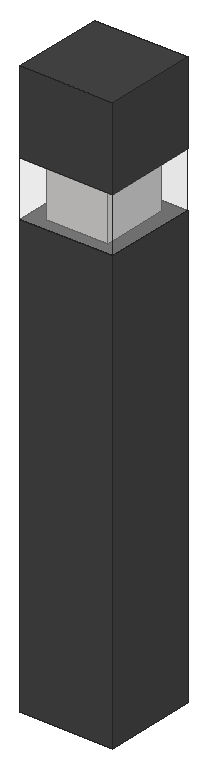
Revit family "FN1", category Lighting Fixtures, host Face, Revit 2014
Parameters (values of type "FN1")
  Width 1 = 5.000"
  Width = 11.630"
  Watts = 25 W
  Wattage Comments = "25W"
  Wattage = 25 W
  Warranty = "5 years Warranty"  # constant formula
  built-in parameter 1150110 = 1 (stored number, unit not read)
  Voltage = 120 V
  URL = "https://www.hubbell.com/hubbelllightingci/en"
  built-in parameter 1114217 = 1 (stored number, unit not read)
  Tilt Angle = 60.00°
  built-in parameter 1150109 = 1 (stored number, unit not read)
  built-in parameter 1150134 = 3
  built-in parameter 1150113 = 1 (stored number, unit not read)
  Source = Hubbell_Steel_Galvanized
  Reflector Finish = Hubbell - White Glass
  Product Page URL = "https://www.hubbell.com/hubbelllightingci/en/Products/Lighting-Controls/Commercial-Outdoor-Lighting/Bollards/Fresno-Bollards/p/226051#prod-resources-section"
  Product Doucmentation Link = "https://hubbellcdn.com/specsheet/fresno.pdf"
  Power Factor = 1
  Photometric Web File = "FN1-12LU-3K-XX (1).ies"
  Model = "FN1"
  Manufacturer = "Hubbell Outdoor Lighting"  # constant formula
  built-in parameter 1150105 = 295.51 (stored number, unit not read)
  Lumens = 3713.55 lm
  built-in parameter 1150115 = 1 (stored number, unit not read)
  Load Classification = Lighting
  built-in parameter 1150137 = (empty or 0)
  built-in parameter 1150139 = (empty or 0)
  Length = 48.000"
  built-in parameter 1150112 = 1 (stored number, unit not read)
  built-in parameter 1150114 = 1 (stored number, unit not read)
  Lamp = "LED"  # constant formula
  built-in parameter 1150132 = (empty or 0)
  built-in parameter 1150102 = (empty or 0)
  built-in parameter 1150107 = 3200 (stored number, unit not read)
  built-in parameter 1150138 = (empty or 0)
  built-in parameter 1150106 = 2.9551 (stored number, unit not read)
  Housing Material = Paint - Hubbell - Carbon Black
  Features = "30w and 46w energy-efficient LED systems\r\nExtruded aluminum square or round housing, with tamper resistant hardware. Flat top, or optional dome top for round FN2. Single screw access for top relamping.\r\nSealed one-piece, clear acrylic lens\r\nSpecular, anodized aluminum optical systems"  # constant formula
  FN2 = no
  FN1 = yes
  built-in parameter 1150104 = 13.8 (stored number, unit not read)
  Dimming Lamp Color Temperature Shift = <None>
  Description = "Fresno Bollards"  # constant formula
  Default Elevation = 48.000"
  Copyright = "© 2021 Hubbell Outdoor Lighting"  # constant formula
  Contact = "https://www.hubbell.com/hubbelllightingci/en/contactUs"
  Connector Description = "Lighting Connector"  # constant formula
  Color Filter = 16777215
  built-in parameter 1114216 [instance] = (empty or 0)
  Certifications = "UL,CSA,Wet Listed"  # constant formula
  built-in parameter 1114218 = 1 (stored number, unit not read)
  built-in parameter 1150133 = 10 (stored number, unit not read)
  Assembly Code = "D5020200"
  Apparent Load = Watts / Power Factor  # 25 VA
Types (2): name | Product Page URL | Photometric Web File | Model | FN2 | FN1
  FN2 | "https://www.hubbell.com/hubbelllightingci/en/Products/Lighting-Controls/Commercial-Outdoor-Lighting/Bollards/Fresno-Bollards/p/226051" | "FN2-12LU-4K-XX.ies" | "FN2" | yes | no
  FN1 | "https://www.hubbell.com/hubbelllightingci/en/Products/Lighting-Controls/Commercial-Outdoor-Lighting/Bollards/Fresno-Bollards/p/226051#prod-resources-section" | "FN1-12LU-3K-XX (1).ies" | "FN1" | no | yes
Reference planes (in)
  plane 1 "Center (Front/Back)": y = 0
  plane 2: z = 0
  plane 3 "Center (Left/Right)": x = 0
  plane 4: z = 9.34
  plane 5: x = 3.375
  plane 6: x = -3.375
  plane 7: y = -3.375
  plane 8: y = 3.375
Forms (in)
  Extrusion 1, solid, material "Paint - Hubbell - Carbon Black" <- "Housing Material", not visible
    sketch origin (5.5, 0, 0) x (1, 0, 0) y (0, 0, -1)
      loop
        line (-22.47056, -3.79487) -> (-22.47056, 0) -> (-23.47056, 0) -> (-23.47056, -3.79487) -> (-22.47056, -3.79487)
    from 2.03263 to 2.15664
  Extrusion 2, solid, material "Paint - Hubbell - Carbon Black" <- "Housing Material", not visible
    sketch origin (5.5, 0, 0) x (0, -1, 0) y (0, 0, -1)
      loop
        line (2.03263, -0.0089) -> (2.03263, -0.1089) -> (6.53263, -0.1089) -> (6.53263, -0.0089) -> (2.03263, -0.0089)
    from 16.97056 to 17.97056
  Extrusion 3, solid, not visible
    sketch origin (-17, 0, 0) x (0, 1, 0) y (0, 0, 1)
      loop
        line (-2.03263, 3.74239) -> (-2.13263, 3.74239) -> (-2.13263, 0.2678)
        arc (-2.13263, 0.2678) -> (-2.18177, 0.14915) -> (-2.30043, 0.1) r 0.1678
        line (-2.30043, 0.1) -> (-6.03263, 0.1) -> (-6.03263, 0) -> (-2.17041, 0)
        arc (-2.17041, 0) -> (-2.07298, 0.04035) -> (-2.03263, 0.13778) r 0.13778
        line (-2.03263, 0.13778) -> (-2.03263, 3.74239)
    from 16.91201 to 18
  Extrusion 4, solid, material "Paint - Hubbell - Carbon Black" <- "Housing Material", visible <- "FN1"
    sketch origin (0, 0, 0) x (1, 0, 0) y (0, 1, 0)
      loop
        line (-3.375, 3.375) -> (-3.375, -3.38574) -> (3.375, -3.38574) -> (3.375, 3.375) -> (-3.375, 3.375)
    from 0 to 32
  Extrusion 5, solid, material "Hubbell - White Glass" <- "Reflector Finish", visible <- "FN1"
    sketch origin (0, 0, 0) x (1, 0, 0) y (0, 1, 0)
      loop
        line (3.375, 3.375) -> (-3.375, 3.375) -> (-3.375, -3.38574) -> (3.375, -3.38574) -> (3.375, 3.375)
    from 32 to 36
  Extrusion 6, solid, material "Paint - Hubbell - Carbon Black" <- "Housing Material", visible <- "FN1"
    sketch origin (0, 0, 0) x (1, 0, 0) y (0, 1, 0)
      loop
        line (-3.375, 3.375) -> (-3.375, -3.38574) -> (3.375, -3.38574) -> (3.375, 3.375) -> (-3.375, 3.375)
    from 36 to 42
  Revolve 7, solid, material "Hubbell_Steel_Galvanized" <- "Source", visible <- "FN2"
    sketch origin (0, 0, 0) x (0, 1, 0) y (0, 0, 1)
      loop
        line (-0.00537, 35.93999) -> (-0.00537, 32) -> (2.88138, 32) -> (2.19734, 33.87939) -> (1.25984, 33.87939) -> (1.25984, 35.93999) -> (-0.00537, 35.93999)
      axis (-0.00537, 35.93999) -> (-0.00537, 32)
    angle from 0 to 360
  Extrusion 8, solid, material "Paint - Hubbell - Carbon Black" <- "Housing Material", visible <- "FN2"
    sketch origin (0, 0, 0) x (1, 0, 0) y (0, 1, 0)
      loop
        circle (0, 0) r 3.5
    from 0 to 32
  Extrusion 9, solid, material "Paint - Hubbell - Carbon Black" <- "Housing Material", visible <- "FN2"
    sketch origin (0, 0, 0) x (1, 0, 0) y (0, 1, 0)
      loop
        circle (0, 0) r 3.5
    from 36 to 42
  Extrusion 10, solid, material "Hubbell - White Glass" <- "Reflector Finish", visible <- "FN2"
    sketch origin (0, 0, 0) x (1, 0, 0) y (0, 1, 0)
      loop
        circle (0, 0) r 3.5
    from 36 to 42
  Extrusion 11, solid, material "Hubbell - White Glass" <- "Reflector Finish", visible <- "FN2"
    sketch origin (0, 0, 0) x (1, 0, 0) y (0, 1, 0)
      loop
        circle (0, 0) r 3.5
    from 32 to 36
  Extrusion 12, solid, material "Hubbell_Steel_Galvanized" <- "Source", visible <- "FN1"
    sketch origin (0, 0, 0) x (1, 0, 0) y (0, 1, 0)
      loop
        line (-2.2324, 2.37721) -> (-2.2324, -2.42059) -> (2.2027, -2.42059) -> (2.2027, 2.37721) -> (-2.2324, 2.37721)
    from 32 to 36
Dimensions and locks (in)
  plane 4 to plane 2 = 9.340"  (x2)
  aligned and locked: plane 2 to host face
  aligned and locked: level to host face
Connectors (in)
  electrical at (0, 0, 0)
    settings: on Extrusion 8, index 1, voltage 120 V, apparent load 41 VA, apparent load phase1 0 VA, apparent load phase2 0 VA, apparent load phase3 0 VA, power factor 1, load classification "Other", number of poles 1, system type 30, power factor state 1, is connector primary yes, connector utility no, sub classification motor no, connector description "Lighting Connector"
